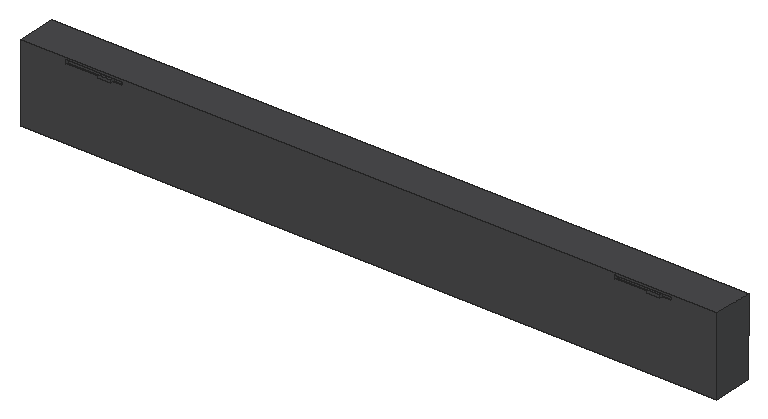
Revit family "STRIPE BLOCK CEILLING 646_DTSM30N6.2", category Luminarias, Revit 2019
Family settings
  Cota de conector redondo = Diámetro de uso
  Tipo de pieza = Normal
  Se basa en plano de trabajo = Sí
  Siempre vertical = Sí
  Corte con vacíos al cargar = No
  Origen de luz = Sí
  Compartido = No
  Punto de cálculo de habitación = No
Parameters (values of type "DOT BLOCK CEILLING 646_DTSM30N6.2")
  Ángulo de inclinación = 60.00°
  Zone [instance] = ""
  Watt per fixture = 30
  Wattage = 30 W
  built-in parameter 1150107 = 4000 (stored number, unit not read)
  built-in parameter 1150110 = 1 (stored number, unit not read)
  built-in parameter 1150109 = 1 (stored number, unit not read)
  built-in parameter 1150112 = 1 (stored number, unit not read)
  built-in parameter 1150113 = 1 (stored number, unit not read)
  built-in parameter 1114218 = 1 (stored number, unit not read)
  Keynote = ""
  built-in parameter 1150137 = (empty or 0)
  built-in parameter 1150132 = (empty or 0)
  Modelo = "DTSM30N6.2"
  Lámpara = "2835SMD SAMSUNG"
  built-in parameter 1150105 = 1538.4 (stored number, unit not read)
  built-in parameter 1150102 = (empty or 0)
  built-in parameter 1150106 = 15.384 (stored number, unit not read)
  Lumens = 2700 lm
  Color Filter = 16777215
  built-in parameter 1114217 = 1 (stored number, unit not read)
  built-in parameter 1150139 = (empty or 0)
  Fabricante = "BRILLANT"
  Default Elevation = 1219.2 mm
  built-in parameter 1150104 = 8.3613 (stored number, unit not read)
  Descripción = "LUMINARIA DOWNLIGHT EN FORMATO RECTANGULAR PARA SOBREPONER DIRECTO EN TECHO, CUERPO DE ALUMINIO ACABADO EN COLOR NEGRO, IP 20, PESO 1.32Kg, TIPO DE LED 2835SMD SAMSUNG CON 30W TOTAL, 2200 LUMENES, 90LM/W, IRC 90, TEMPERATURA EN BLANCO FRIO 4000K, 50 MIL HORAS DE VIDA PROMEDIO, APERTURA DE 90 GRADOS POR STOCK, ALIMENTADO A 90-240V"
  built-in parameter 1150115 = 1 (stored number, unit not read)
  built-in parameter 1150114 = 1 (stored number, unit not read)
  Comentarios de vataje = "90-240V"
  built-in parameter 1150138 = (empty or 0)
  built-in parameter 1150134 = 12
  Circuit [instance] = ""
  Dimming Lamp Color Temperature Shift = (empty or 0)
  Archivo de red fotométrica = "L646B-30W-840-B-90_IESNA95.IES"
  built-in parameter 1150133 = 10 (stored number, unit not read)
Reference planes
  plane 1 "Centro (Frontal/Posterior)": y = 0
  plane 2: z = 0
  plane 3 "Centro (Izquierda/Derecha)": x = 0
Forms (mm)
  Extrusion 1, solid, material "Default Form", not visible
    sketch origin (0, 0, 0) x (1, 0, 0) y (0, 0, 1)
      loop
        line (-473, 0) -> (-473, -72) -> (473, -72) -> (473, 0) -> (-473, 0)
    from -18.326 to 18.326
  Blend 2, void, not visible
    base sketch origin (-293.63, 0, 0) x (1, 0, 0) y (0, 1, 0)
      loop
        line (-162, 16.149) -> (-162, -16.149) -> (-144.14, -16.149) -> (-144.14, 16.149) -> (-162, 16.149)
    top sketch origin (-293.63, 0, 0) x (1, 0, 0) y (0, 1, 0)
      loop
        line (-160, 12.149) -> (-160, -12.149) -> (-146.14, -12.149) -> (-146.14, 12.149) -> (-160, 12.149)
    from -72 to -61.591
  Blend 3, void, not visible
    base sketch origin (-267.33, 0, 0) x (1, 0, 0) y (0, 1, 0)
      loop
        line (-162, 16.149) -> (-162, -16.149) -> (-144.14, -16.149) -> (-144.14, 16.149) -> (-162, 16.149)
    top sketch origin (-267.33, 0, 0) x (1, 0, 0) y (0, 1, 0)
      loop
        line (-160, 12.149) -> (-160, -12.149) -> (-146.14, -12.149) -> (-146.14, 12.149) -> (-160, 12.149)
    from -72 to -61.591
  Blend 4, void, not visible
    base sketch origin (-241.03, 0, 0) x (1, 0, 0) y (0, 1, 0)
      loop
        line (-162, 16.149) -> (-162, -16.149) -> (-144.14, -16.149) -> (-144.14, 16.149) -> (-162, 16.149)
    top sketch origin (-241.03, 0, 0) x (1, 0, 0) y (0, 1, 0)
      loop
        line (-160, 12.149) -> (-160, -12.149) -> (-146.14, -12.149) -> (-146.14, 12.149) -> (-160, 12.149)
    from -72 to -61.591
  Blend 5, void, not visible
    base sketch origin (-214.73, 0, 0) x (1, 0, 0) y (0, 1, 0)
      loop
        line (-162, 16.149) -> (-162, -16.149) -> (-144.14, -16.149) -> (-144.14, 16.149) -> (-162, 16.149)
    top sketch origin (-214.73, 0, 0) x (1, 0, 0) y (0, 1, 0)
      loop
        line (-160, 12.149) -> (-160, -12.149) -> (-146.14, -12.149) -> (-146.14, 12.149) -> (-160, 12.149)
    from -72 to -61.591
  Blend 6, void, not visible
    base sketch origin (-188.43, 0, 0) x (1, 0, 0) y (0, 1, 0)
      loop
        line (-162, 16.149) -> (-162, -16.149) -> (-144.14, -16.149) -> (-144.14, 16.149) -> (-162, 16.149)
    top sketch origin (-188.43, 0, 0) x (1, 0, 0) y (0, 1, 0)
      loop
        line (-160, 12.149) -> (-160, -12.149) -> (-146.14, -12.149) -> (-146.14, 12.149) -> (-160, 12.149)
    from -72 to -61.591
  Blend 7, void, not visible
    base sketch origin (-162.13, 0, 0) x (1, 0, 0) y (0, 1, 0)
      loop
        line (-162, 16.149) -> (-162, -16.149) -> (-144.14, -16.149) -> (-144.14, 16.149) -> (-162, 16.149)
    top sketch origin (-162.13, 0, 0) x (1, 0, 0) y (0, 1, 0)
      loop
        line (-160, 12.149) -> (-160, -12.149) -> (-146.14, -12.149) -> (-146.14, 12.149) -> (-160, 12.149)
    from -72 to -61.591
  Blend 8, void, not visible
    base sketch origin (-135.83, 0, 0) x (1, 0, 0) y (0, 1, 0)
      loop
        line (-162, 16.149) -> (-162, -16.149) -> (-144.14, -16.149) -> (-144.14, 16.149) -> (-162, 16.149)
    top sketch origin (-135.83, 0, 0) x (1, 0, 0) y (0, 1, 0)
      loop
        line (-160, 12.149) -> (-160, -12.149) -> (-146.14, -12.149) -> (-146.14, 12.149) -> (-160, 12.149)
    from -72 to -61.591
  Blend 9, void, not visible
    base sketch origin (-109.53, 0, 0) x (1, 0, 0) y (0, 1, 0)
      loop
        line (-162, 16.149) -> (-162, -16.149) -> (-144.14, -16.149) -> (-144.14, 16.149) -> (-162, 16.149)
    top sketch origin (-109.53, 0, 0) x (1, 0, 0) y (0, 1, 0)
      loop
        line (-160, 12.149) -> (-160, -12.149) -> (-146.14, -12.149) -> (-146.14, 12.149) -> (-160, 12.149)
    from -72 to -61.591
  Blend 10, void, not visible
    base sketch origin (-83.23, 0, 0) x (1, 0, 0) y (0, 1, 0)
      loop
        line (-162, 16.149) -> (-162, -16.149) -> (-144.14, -16.149) -> (-144.14, 16.149) -> (-162, 16.149)
    top sketch origin (-83.23, 0, 0) x (1, 0, 0) y (0, 1, 0)
      loop
        line (-160, 12.149) -> (-160, -12.149) -> (-146.14, -12.149) -> (-146.14, 12.149) -> (-160, 12.149)
    from -72 to -61.591
  Blend 11, void, not visible
    base sketch origin (-56.93, 0, 0) x (1, 0, 0) y (0, 1, 0)
      loop
        line (-162, 16.149) -> (-162, -16.149) -> (-144.14, -16.149) -> (-144.14, 16.149) -> (-162, 16.149)
    top sketch origin (-56.93, 0, 0) x (1, 0, 0) y (0, 1, 0)
      loop
        line (-160, 12.149) -> (-160, -12.149) -> (-146.14, -12.149) -> (-146.14, 12.149) -> (-160, 12.149)
    from -72 to -61.591
  Blend 12, void, not visible
    base sketch origin (-30.63, 0, 0) x (1, 0, 0) y (0, 1, 0)
      loop
        line (-162, 16.149) -> (-162, -16.149) -> (-144.14, -16.149) -> (-144.14, 16.149) -> (-162, 16.149)
    top sketch origin (-30.63, 0, 0) x (1, 0, 0) y (0, 1, 0)
      loop
        line (-160, 12.149) -> (-160, -12.149) -> (-146.14, -12.149) -> (-146.14, 12.149) -> (-160, 12.149)
    from -72 to -61.591
  Blend 13, void, not visible
    base sketch origin (-4.33, 0, 0) x (1, 0, 0) y (0, 1, 0)
      loop
        line (-162, 16.149) -> (-162, -16.149) -> (-144.14, -16.149) -> (-144.14, 16.149) -> (-162, 16.149)
    top sketch origin (-4.33, 0, 0) x (1, 0, 0) y (0, 1, 0)
      loop
        line (-160, 12.149) -> (-160, -12.149) -> (-146.14, -12.149) -> (-146.14, 12.149) -> (-160, 12.149)
    from -72 to -61.591
  Blend 14, void, not visible
    base sketch origin (21.97, 0, 0) x (1, 0, 0) y (0, 1, 0)
      loop
        line (-162, 16.149) -> (-162, -16.149) -> (-144.14, -16.149) -> (-144.14, 16.149) -> (-162, 16.149)
    top sketch origin (21.97, 0, 0) x (1, 0, 0) y (0, 1, 0)
      loop
        line (-160, 12.149) -> (-160, -12.149) -> (-146.14, -12.149) -> (-146.14, 12.149) -> (-160, 12.149)
    from -72 to -61.591
  Blend 15, void, not visible
    base sketch origin (48.27, 0, 0) x (1, 0, 0) y (0, 1, 0)
      loop
        line (-162, 16.149) -> (-162, -16.149) -> (-144.14, -16.149) -> (-144.14, 16.149) -> (-162, 16.149)
    top sketch origin (48.27, 0, 0) x (1, 0, 0) y (0, 1, 0)
      loop
        line (-160, 12.149) -> (-160, -12.149) -> (-146.14, -12.149) -> (-146.14, 12.149) -> (-160, 12.149)
    from -72 to -61.591
  Blend 16, void, not visible
    base sketch origin (74.57, 0, 0) x (1, 0, 0) y (0, 1, 0)
      loop
        line (-162, 16.149) -> (-162, -16.149) -> (-144.14, -16.149) -> (-144.14, 16.149) -> (-162, 16.149)
    top sketch origin (74.57, 0, 0) x (1, 0, 0) y (0, 1, 0)
      loop
        line (-160, 12.149) -> (-160, -12.149) -> (-146.14, -12.149) -> (-146.14, 12.149) -> (-160, 12.149)
    from -72 to -61.591
  Blend 17, void, not visible
    base sketch origin (100.87, 0, 0) x (1, 0, 0) y (0, 1, 0)
      loop
        line (-162, 16.149) -> (-162, -16.149) -> (-144.14, -16.149) -> (-144.14, 16.149) -> (-162, 16.149)
    top sketch origin (100.87, 0, 0) x (1, 0, 0) y (0, 1, 0)
      loop
        line (-160, 12.149) -> (-160, -12.149) -> (-146.14, -12.149) -> (-146.14, 12.149) -> (-160, 12.149)
    from -72 to -61.591
  Blend 18, void, not visible
    base sketch origin (127.17, 0, 0) x (1, 0, 0) y (0, 1, 0)
      loop
        line (-162, 16.149) -> (-162, -16.149) -> (-144.14, -16.149) -> (-144.14, 16.149) -> (-162, 16.149)
    top sketch origin (127.17, 0, 0) x (1, 0, 0) y (0, 1, 0)
      loop
        line (-160, 12.149) -> (-160, -12.149) -> (-146.14, -12.149) -> (-146.14, 12.149) -> (-160, 12.149)
    from -72 to -61.591
  Blend 19, void, not visible
    base sketch origin (153.47, 0, 0) x (1, 0, 0) y (0, 1, 0)
      loop
        line (-162, 16.149) -> (-162, -16.149) -> (-144.14, -16.149) -> (-144.14, 16.149) -> (-162, 16.149)
    top sketch origin (153.47, 0, 0) x (1, 0, 0) y (0, 1, 0)
      loop
        line (-160, 12.149) -> (-160, -12.149) -> (-146.14, -12.149) -> (-146.14, 12.149) -> (-160, 12.149)
    from -72 to -61.591
  Blend 20, void, not visible
    base sketch origin (179.77, 0, 0) x (1, 0, 0) y (0, 1, 0)
      loop
        line (-162, 16.149) -> (-162, -16.149) -> (-144.14, -16.149) -> (-144.14, 16.149) -> (-162, 16.149)
    top sketch origin (179.77, 0, 0) x (1, 0, 0) y (0, 1, 0)
      loop
        line (-160, 12.149) -> (-160, -12.149) -> (-146.14, -12.149) -> (-146.14, 12.149) -> (-160, 12.149)
    from -72 to -61.591
  Blend 21, void, not visible
    base sketch origin (206.07, 0, 0) x (1, 0, 0) y (0, 1, 0)
      loop
        line (-162, 16.149) -> (-162, -16.149) -> (-144.14, -16.149) -> (-144.14, 16.149) -> (-162, 16.149)
    top sketch origin (206.07, 0, 0) x (1, 0, 0) y (0, 1, 0)
      loop
        line (-160, 12.149) -> (-160, -12.149) -> (-146.14, -12.149) -> (-146.14, 12.149) -> (-160, 12.149)
    from -72 to -61.591
  Blend 22, void, not visible
    base sketch origin (232.37, 0, 0) x (1, 0, 0) y (0, 1, 0)
      loop
        line (-162, 16.149) -> (-162, -16.149) -> (-144.14, -16.149) -> (-144.14, 16.149) -> (-162, 16.149)
    top sketch origin (232.37, 0, 0) x (1, 0, 0) y (0, 1, 0)
      loop
        line (-160, 12.149) -> (-160, -12.149) -> (-146.14, -12.149) -> (-146.14, 12.149) -> (-160, 12.149)
    from -72 to -61.591
  Blend 23, void, not visible
    base sketch origin (258.67, 0, 0) x (1, 0, 0) y (0, 1, 0)
      loop
        line (-162, 16.149) -> (-162, -16.149) -> (-144.14, -16.149) -> (-144.14, 16.149) -> (-162, 16.149)
    top sketch origin (258.67, 0, 0) x (1, 0, 0) y (0, 1, 0)
      loop
        line (-160, 12.149) -> (-160, -12.149) -> (-146.14, -12.149) -> (-146.14, 12.149) -> (-160, 12.149)
    from -72 to -61.591
  Blend 24, void, not visible
    base sketch origin (284.97, 0, 0) x (1, 0, 0) y (0, 1, 0)
      loop
        line (-162, 16.149) -> (-162, -16.149) -> (-144.14, -16.149) -> (-144.14, 16.149) -> (-162, 16.149)
    top sketch origin (284.97, 0, 0) x (1, 0, 0) y (0, 1, 0)
      loop
        line (-160, 12.149) -> (-160, -12.149) -> (-146.14, -12.149) -> (-146.14, 12.149) -> (-160, 12.149)
    from -72 to -61.591
  Blend 25, void, not visible
    base sketch origin (311.27, 0, 0) x (1, 0, 0) y (0, 1, 0)
      loop
        line (-162, 16.149) -> (-162, -16.149) -> (-144.14, -16.149) -> (-144.14, 16.149) -> (-162, 16.149)
    top sketch origin (311.27, 0, 0) x (1, 0, 0) y (0, 1, 0)
      loop
        line (-160, 12.149) -> (-160, -12.149) -> (-146.14, -12.149) -> (-146.14, 12.149) -> (-160, 12.149)
    from -72 to -61.591
  Blend 26, void, not visible
    base sketch origin (337.57, 0, 0) x (1, 0, 0) y (0, 1, 0)
      loop
        line (-162, 16.149) -> (-162, -16.149) -> (-144.14, -16.149) -> (-144.14, 16.149) -> (-162, 16.149)
    top sketch origin (337.57, 0, 0) x (1, 0, 0) y (0, 1, 0)
      loop
        line (-160, 12.149) -> (-160, -12.149) -> (-146.14, -12.149) -> (-146.14, 12.149) -> (-160, 12.149)
    from -72 to -61.591
  Blend 27, void, not visible
    base sketch origin (363.87, 0, 0) x (1, 0, 0) y (0, 1, 0)
      loop
        line (-162, 16.149) -> (-162, -16.149) -> (-144.14, -16.149) -> (-144.14, 16.149) -> (-162, 16.149)
    top sketch origin (363.87, 0, 0) x (1, 0, 0) y (0, 1, 0)
      loop
        line (-160, 12.149) -> (-160, -12.149) -> (-146.14, -12.149) -> (-146.14, 12.149) -> (-160, 12.149)
    from -72 to -61.591
  Blend 28, void, not visible
    base sketch origin (390.17, 0, 0) x (1, 0, 0) y (0, 1, 0)
      loop
        line (-162, 16.149) -> (-162, -16.149) -> (-144.14, -16.149) -> (-144.14, 16.149) -> (-162, 16.149)
    top sketch origin (390.17, 0, 0) x (1, 0, 0) y (0, 1, 0)
      loop
        line (-160, 12.149) -> (-160, -12.149) -> (-146.14, -12.149) -> (-146.14, 12.149) -> (-160, 12.149)
    from -72 to -61.591
  Blend 29, void, not visible
    base sketch origin (416.47, 0, 0) x (1, 0, 0) y (0, 1, 0)
      loop
        line (-162, 16.149) -> (-162, -16.149) -> (-144.14, -16.149) -> (-144.14, 16.149) -> (-162, 16.149)
    top sketch origin (416.47, 0, 0) x (1, 0, 0) y (0, 1, 0)
      loop
        line (-160, 12.149) -> (-160, -12.149) -> (-146.14, -12.149) -> (-146.14, 12.149) -> (-160, 12.149)
    from -72 to -61.591
  Blend 30, void, not visible
    base sketch origin (442.77, 0, 0) x (1, 0, 0) y (0, 1, 0)
      loop
        line (-162, 16.149) -> (-162, -16.149) -> (-144.14, -16.149) -> (-144.14, 16.149) -> (-162, 16.149)
    top sketch origin (442.77, 0, 0) x (1, 0, 0) y (0, 1, 0)
      loop
        line (-160, 12.149) -> (-160, -12.149) -> (-146.14, -12.149) -> (-146.14, 12.149) -> (-160, 12.149)
    from -72 to -61.591
  Blend 31, void, not visible
    base sketch origin (469.07, 0, 0) x (1, 0, 0) y (0, 1, 0)
      loop
        line (-162, 16.149) -> (-162, -16.149) -> (-144.14, -16.149) -> (-144.14, 16.149) -> (-162, 16.149)
    top sketch origin (469.07, 0, 0) x (1, 0, 0) y (0, 1, 0)
      loop
        line (-160, 12.149) -> (-160, -12.149) -> (-146.14, -12.149) -> (-146.14, 12.149) -> (-160, 12.149)
    from -72 to -61.591
  Blend 32, void, not visible
    base sketch origin (495.37, 0, 0) x (1, 0, 0) y (0, 1, 0)
      loop
        line (-162, 16.149) -> (-162, -16.149) -> (-144.14, -16.149) -> (-144.14, 16.149) -> (-162, 16.149)
    top sketch origin (495.37, 0, 0) x (1, 0, 0) y (0, 1, 0)
      loop
        line (-160, 12.149) -> (-160, -12.149) -> (-146.14, -12.149) -> (-146.14, 12.149) -> (-160, 12.149)
    from -72 to -61.591
  Blend 33, void, not visible
    base sketch origin (521.67, 0, 0) x (1, 0, 0) y (0, 1, 0)
      loop
        line (-162, 16.149) -> (-162, -16.149) -> (-144.14, -16.149) -> (-144.14, 16.149) -> (-162, 16.149)
    top sketch origin (521.67, 0, 0) x (1, 0, 0) y (0, 1, 0)
      loop
        line (-160, 12.149) -> (-160, -12.149) -> (-146.14, -12.149) -> (-146.14, 12.149) -> (-160, 12.149)
    from -72 to -61.591
  Blend 34, void, not visible
    base sketch origin (547.97, 0, 0) x (1, 0, 0) y (0, 1, 0)
      loop
        line (-162, 16.149) -> (-162, -16.149) -> (-144.14, -16.149) -> (-144.14, 16.149) -> (-162, 16.149)
    top sketch origin (547.97, 0, 0) x (1, 0, 0) y (0, 1, 0)
      loop
        line (-160, 12.149) -> (-160, -12.149) -> (-146.14, -12.149) -> (-146.14, 12.149) -> (-160, 12.149)
    from -72 to -61.591
  Blend 35, void, not visible
    base sketch origin (574.27, 0, 0) x (1, 0, 0) y (0, 1, 0)
      loop
        line (-162, 16.149) -> (-162, -16.149) -> (-144.14, -16.149) -> (-144.14, 16.149) -> (-162, 16.149)
    top sketch origin (574.27, 0, 0) x (1, 0, 0) y (0, 1, 0)
      loop
        line (-160, 12.149) -> (-160, -12.149) -> (-146.14, -12.149) -> (-146.14, 12.149) -> (-160, 12.149)
    from -72 to -61.591
  Blend 36, void, not visible
    base sketch origin (600.57, 0, 0) x (1, 0, 0) y (0, 1, 0)
      loop
        line (-162, 16.149) -> (-162, -16.149) -> (-144.14, -16.149) -> (-144.14, 16.149) -> (-162, 16.149)
    top sketch origin (600.57, 0, 0) x (1, 0, 0) y (0, 1, 0)
      loop
        line (-160, 12.149) -> (-160, -12.149) -> (-146.14, -12.149) -> (-146.14, 12.149) -> (-160, 12.149)
    from -72 to -61.591
  Extrusion 37, solid, not visible
    sketch origin (-463.861, 0, 3.217) x (0, -1, 0) y (0, 0, -1)
      loop
        line (18.326, 3.217) -> (-18.326, 3.217) -> (-18.326, 73.917) -> (-32.183, 73.917) -> (-32.183, 72.617) -> (-19.626, 72.617) -> (-19.626, 1.917) -> (19.626, 1.917) -> (19.626, 72.617) -> (32.183, 72.617) -> (32.183, 73.917) -> (18.326, 73.917) -> (18.326, 3.217)
    from 89.098 to 128.24
  Extrusion 38, solid, not visible
    sketch origin (-246.523, 0, 3.217) x (0, -1, 0) y (0, 0, 1)
      loop
        line (-19.626, -1.917) -> (19.626, -1.917) -> (19.626, -63.89) -> (20.426, -63.89) -> (20.426, -1.117) -> (-20.426, -1.117) -> (-20.426, -63.89) -> (-19.626, -63.89) -> (-19.626, -1.917)
    from 122.954 to 124.098
  Extrusion 39, solid, not visible
    sketch origin (-463.861, 0, 3.217) x (0, -1, 0) y (0, 0, -1)
      loop
        line (-19.626, 1.917) -> (-19.626, 63.89) -> (-20.426, 63.89) -> (-20.426, 1.117) -> (20.426, 1.117) -> (20.426, 63.89) -> (19.626, 63.89) -> (19.626, 1.917) -> (-19.626, 1.917)
    from 122.954 to 124.098
  Extrusion 40, void, not visible
    sketch origin (0, 0, 0) x (1, 0, 0) y (0, 1, 0)
      loop
        circle (-363.799, -25.904) r 2.055
      loop
        circle (-346.585, -25.904) r 2.055
      loop
        circle (-363.799, 25.904) r 2.055
      loop
        circle (-346.585, 25.904) r 2.055
    from -70.7 to -69.4
  Extrusion 41, solid, material "Default Form"
    sketch origin (0, 0, 72) x (1, 0, 0) y (0, 0, -1)
      loop
        line (-323, 0) -> (323, 0) -> (323, 72) -> (-323, 72) -> (-323, 0)
    from -18.326 to 18.326
  Extrusion 42, void
    sketch origin (-158.75, 0, 0) x (1, 0, 0) y (0, 1, 0)
      loop
        line (-122.17, -18.326) -> (-69.57, -18.326) -> (-69.57, -16.149) -> (-122.17, -16.149) -> (-122.17, -18.326)
      loop
        line (-122.17, 18.326) -> (-122.17, 16.149) -> (-69.57, 16.149) -> (-69.57, 18.326) -> (-122.17, 18.326)
    from 66.852 to 70.535
  Extrusion 43, solid, material "Default Form"
    sketch origin (125, 0, 0) x (1, 0, 0) y (0, 1, 0)
      loop
        line (146.935, -16.149) -> (145.601, -16.149) -> (145.601, -18.326) -> (135.101, -18.326) -> (135.101, -20.238) -> (146.935, -20.238) -> (146.935, -16.149)
      loop
        line (146.935, 16.149) -> (146.935, 20.238) -> (135.101, 20.238) -> (135.101, 18.326) -> (145.601, 18.326) -> (145.601, 16.149) -> (146.935, 16.149)
      loop
        line (-362.305, -16.149) -> (-363.639, -16.149) -> (-363.639, -18.326) -> (-374.139, -18.326) -> (-374.139, -20.238) -> (-362.305, -20.238) -> (-362.305, -16.149)
      loop
        line (-362.305, 16.149) -> (-362.305, 20.238) -> (-374.139, 20.238) -> (-374.139, 18.326) -> (-363.639, 18.326) -> (-363.639, 16.149) -> (-362.305, 16.149)
    from 67.466 to 69.773
  Extrusion 44, void
    sketch origin (158.75, 0, 0) x (-1, 0, 0) y (0, -1, 0)
      loop
        line (-122.17, 18.326) -> (-122.17, 16.149) -> (-69.57, 16.149) -> (-69.57, 18.326) -> (-122.17, 18.326)
      loop
        line (-122.17, -18.326) -> (-69.57, -18.326) -> (-69.57, -16.149) -> (-122.17, -16.149) -> (-122.17, -18.326)
    from 66.852 to 70.535
  Blend 45, void
    base sketch origin (-83.23, 130.851, 72) x (1, 0, 0) y (0, 1, 0)
      loop
        line (-234.14, -147) -> (402.173, -147) -> (402.173, -114.702) -> (-234.14, -114.702) -> (-234.14, -147)
    top sketch origin (-83.23, 130.851, 72) x (1, 0, 0) y (0, 1, 0)
      loop
        line (-229.559, -143) -> (397.692, -143) -> (397.692, -118.702) -> (-229.559, -118.702) -> (-229.559, -143)
    from -72 to -61.591
Cuts and joins
  Extrusion 42, Extrusion 44, Blend 45 cuts Extrusion 41
  Extrusion 44 cuts Extrusion 43
Dimensions and locks
  cut or joined group of Extrusion 41, Extrusion 42, Extrusion 44, Blend 45 to cut or joined group of Extrusion 41, Extrusion 42, Extrusion 44, Blend 45 = 72 mm  (x2)
  cut or joined group of Extrusion 41, Extrusion 42, Extrusion 44, Blend 45 to cut or joined group of Extrusion 41, Extrusion 42, Extrusion 44, Blend 45 = 36.651 mm
  cut or joined group of Extrusion 41, Extrusion 42, Extrusion 44, Blend 45 to cut or joined group of Extrusion 41, Extrusion 42, Extrusion 44, Blend 45 = 646 mm
  cut or joined group of Extrusion 41, Extrusion 42, Extrusion 44, Blend 45 to cut or joined group of Extrusion 41, Extrusion 42, Extrusion 44, Blend 45 = 42.08 mm  (x2)
  aligned and locked: level to plane 2
Connectors
  electrical at (0, 0, 72)
    settings: on cut or joined group of Extrusion 41, Extrusion 42, Extrusion 44, Blend 45, index 1, voltage 0 V, apparent load 0 VA, apparent load phase1 0 VA, apparent load phase2 0 VA, apparent load phase3 0 VA, power factor 1, load classification "Otro", number of poles 1, system type 31, power factor state 1, is connector primary yes, connector utility no, sub classification motor no, connector description ""
